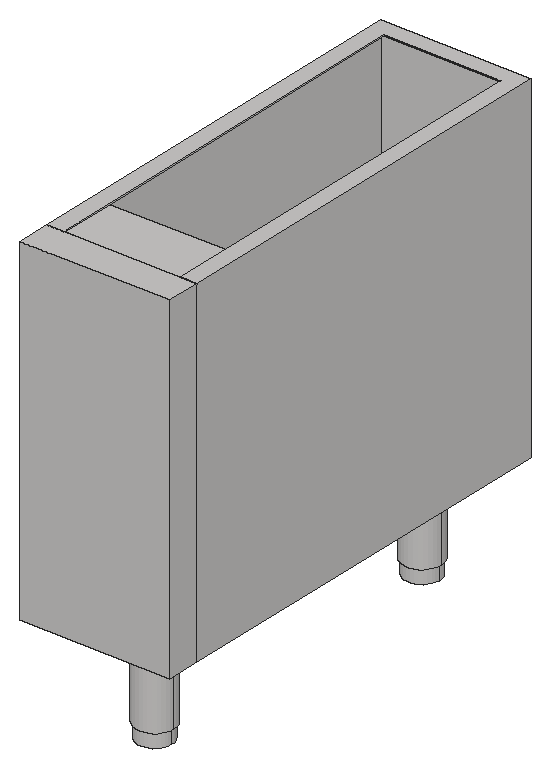
Revit family "QF_OEMNEUTRAL_371210_E7BANB00C0", category Specialty Equipment, Revit 2018
Family settings
  Round Connector Dimension = Use Diameter
  Part Type = Normal
  Work Plane-Based = No
  Always vertical = Yes
  Cut with Voids When Loaded = No
  Shared = No
  Room Calculation Point = No
Parameters (values of type "Standard")
  Weight in Pounds = 15  # constant formula
  Weight = 7.00 kg
  Watts = 0 W
  Volts = 0 V
  URL Manufacturer = "http://professional.electrolux.com"
  URL Cutsheet = "www.electrolux.com"
  URL = "http://professional.electrolux.com"
  Type Mark [instance] = ""
  Steam Supply Size = 0"
  Steam Supply Minimum Pressure = 0.00 psi
  Steam Supply Maximum Pressure = 0.00 psi
  Steam Pounds per Hour = 0
  Status [instance] = ""
  Specification by User [instance] = ""
  Specification by Manufacturer = ""
  Serial Number = ""
  Seismic Rating = ""
  SMACNA No = ""
  Revision Code [instance] = ""
  Refrigeration Suction Line Size = 0"
  Refrigeration Liquid Line Size = 0"
  Refrigerant Compressor Remote = yes
  Phase = 0
  Omniclass Number and Title = ""
  NAFEM Spec ID Number = ""
  Model = "E7BANB00C0"
  Masterspec = ""
  Manufacturer = "OEM Neutral"
  Length Actual = 200.00 mm  # constant formula
  Item Number [instance] = "371210"
  Installed By [instance] = ""
  Identify Quantity as Lot [instance] = yes
  Hot Water Size = 0"
  Height Actual = 600.00 mm  # constant formula
  HP = "0 HP"
  Gas Size = 0"
  Gas KW = 0
  Gas Input Pressure = 0.0 Btu/h
  Furnished By [instance] = ""
  Foodservice Equipment Identifier [instance] = yes
  Description = "CLOSED BASE 200 MM"
  Depth Actual = 550.00 mm  # constant formula
  Cycle = 0 Hz
  Condensate Return Size = 0"
  Compressed Air Volume = 0 GPM
  Compressed Air Size = 0"
  Compressed Air Pressure = 0.00 psi
  Cold Water Size = 0"
  CSI MasterFormat = ""
  CSI Master Format = ""
  Accessory = yes
Types (2, lengths in mm): name | URL | Model | Manufacturer | Description
  (no name) | "www.electrolux.com" | "371210" | "ELECTROLUX" | "700XP Closed Base Cupboard  1_4 Module"
  Standard | "http://professional.electrolux.com" | "E7BANB00C0" | "OEM Neutral" | "CLOSED BASE 200 MM"
Values of the unnamed type that differ from the named types
  URL Manufacturer = ""
  Item Number = ""
  HP = ""
Reference planes
  plane 1 "BACK": y = 0
  plane 2: z = 0
  plane 3 "LEFT": x = 0
  plane 4 "RIGHT": x = 199
  plane 5 "FRONT": y = -599
  plane 6 "TOP": z = 599
  plane 7 "Center Y": x = 99.5
  plane 8 "Center X": y = -299.5
  plane 9 "Base Height": z = 149
  plane 10: y = -56
Forms (mm)
  Extrusion 1, solid, material "QF_Finishes_Stainless Steel"
    sketch origin (0, 0, 149) x (-1, 0, 0) y (0, -1, 0)
      loop
        line (0, 0) -> (0, 554) -> (-22, 554) -> (-22, 22) -> (-177, 22) -> (-177, 554) -> (-199, 554) -> (-199, 0) -> (0, 0)
    from 448.412 to 450
  Extrusion 2, solid, material "QF_Finishes_Stainless Steel"
    sketch origin (0, -599, 0) x (1, 0, 0) y (0, 0, 1)
      loop
        line (0, 597.413) -> (0, 149) -> (22, 149) -> (22, 597.413) -> (0, 597.413)
      loop
        line (199, 149) -> (199, 597.413) -> (177, 597.413) -> (177, 149) -> (199, 149)
    from -45 to -46.587
  Extrusion 3, solid, material "QF_Finishes_Stainless Steel"
    sketch origin (0, 0, 0) x (0, 1, 0) y (0, 0, 1)
      loop
        line (-554, 597.413) -> (-554, 149) -> (0, 149) -> (0, 597.413) -> (-554, 597.413)
    from 0 to 1.59
  Extrusion 4, solid, material "QF_Finishes_Stainless Steel"
    sketch origin (199, 0, 0) x (0, 1, 0) y (0, 0, 1)
      loop
        line (-554, 597.413) -> (-554, 149) -> (0, 149) -> (0, 597.413) -> (-554, 597.413)
    from 0 to -1.59
  Extrusion 5, solid, material "QF_Finishes_Stainless Steel"
    sketch origin (0, 0, 0) x (1, 0, 0) y (0, 0, 1)
      loop
        line (0, 597.413) -> (0, 149) -> (199, 149) -> (199, 597.413) -> (0, 597.413)
    from 0 to 1.59
  Extrusion 6, solid, material "QF_Finishes_Stainless Steel"
    sketch origin (0, 0, 149) x (-1, 0, 0) y (0, -1, 0)
      loop
        line (-1.59, 1.59) -> (-1.59, 552.413) -> (-197.41, 552.413) -> (-197.41, 1.59) -> (-1.59, 1.59)
      loop
        circle (-152.751, 426.185) r 12.7
    from 0 to 45
  Extrusion 7, solid, material "QF_Finishes_Stainless Steel"
    sketch origin (0, 0, 0) x (0, 1, 0) y (0, 0, 1)
      loop
        line (-552.413, 597.413) -> (-552.413, 554.237) -> (-550.823, 554.237) -> (-550.823, 595.823) -> (-477.412, 595.823) -> (-477.412, 597.413) -> (-552.413, 597.413)
    from 1.59 to 198.41
  Extrusion 8, solid, material "QF_Finishes_Stainless Steel"
    sketch origin (0, 0, 149) x (-1, 0, 0) y (0, -1, 0)
      loop
        circle (-152.751, 426.185) r 12.7
    from -1.075 to 43.642
  Extrusion 9, solid, material "QF_Finishes_Black"
    sketch origin (0, -552.413, 554.237) x (0, 0, 1) y (-1, 0, 0)
      loop
        circle (20.291, -59.72) r 1.5
      loop
        circle (20.291, -140.28) r 1.5
    from 0 to 1.59
  Revolve 10, solid, material "QF_Finishes_Stainless Steel"
    sketch origin (44.5, -499, 0) x (1, 0, 0) y (0, 0, 1)
      loop
        line (54.5, 0) -> (54.5, 149) -> (29.1, 149) -> (29.1, 19.05) -> (31.6, 19.05) -> (31.6, 0) -> (54.5, 0)
      axis (54.5, 0) -> (54.5, 149)
    angle from 0 to 360
  Revolve 11, solid, material "QF_Finishes_Stainless Steel"
    sketch origin (44.5, -55, 0) x (1, 0, 0) y (0, 0, -1)
      loop
        line (54.5, 0) -> (31.6, 0) -> (31.6, -19.05) -> (29.1, -19.05) -> (29.1, -149) -> (54.5, -149) -> (54.5, 0)
      axis (54.5, 0) -> (54.5, -149)
    angle from 0 to 360
  Extrusion 12, solid, material "QF_Finishes_Stainless Steel"
    sketch origin (0, 0, 149) x (-1, 0, 0) y (0, -1, 0)
      loop
        line (0, 554) -> (0, 599) -> (-199, 599) -> (-199, 554) -> (0, 554)
    from 0 to 450
Cuts and joins
  joined: Extrusion 1, Extrusion 2, Extrusion 3, Extrusion 4, Extrusion 5, Extrusion 6, Extrusion 7, Extrusion 8
Lines and regions (mm)
  symbolic lines, style "SpecialityEquipment"
    curve 1: line (0, 0, 149) -> (199, 0, 149)
    curve 2: line (0, -599, 149) -> (0, 0, 149)
    curve 3: line (199, -554, 149) -> (0, -554, 149)
    curve 4: line (199, 0, 149) -> (199, -599, 149)
    curve 5: line (22, -477.412, 149) -> (177, -477.412, 149)
    curve 6: line (177, -554, 149) -> (177, -22, 149)
    curve 7: line (177, -22, 149) -> (22, -22, 149)
    curve 8: line (22, -22, 149) -> (22, -554, 149)
    curve 9: arc (140.051, -426.185, 149) -> (152.751, -413.485, 149) -> (165.451, -426.185, 149) r 12.7
    curve 10: arc (165.451, -426.185, 149) -> (152.751, -438.885, 149) -> (140.051, -426.185, 149) r 12.7
    curve 11: line (199, -599, 149) -> (0, -599, 149)
Dimensions and locks
  equal spacing: plane 3 "LEFT", plane 7 "Center Y", plane 4 "RIGHT"
  plane 3 "LEFT" to plane 4 "RIGHT" = 199.00 mm
  equal spacing: plane 5 "FRONT", plane 8 "Center X", plane 1 "BACK"
  plane 5 "FRONT" to plane 1 "BACK" = 599.00 mm
  plane 6 "TOP" to level = 599.00 mm
  plane 9 "Base Height" to level = 149.00 mm
  plane 6 "TOP" to plane 9 "Base Height" to level = 450.00 mm, 149.00 mm
  plane 1 "BACK" to plane 10 = 56.00 mm
  aligned and locked: level to plane 2
  aligned and locked: Revolve 10 to plane 9 "Base Height"
Automatic sketch dimensions
  plane 1 "BACK" to Extrusion 1 sketch curve = 0.00 mm
  Extrusion 1 sketch curve to plane 4 "RIGHT" = 0.00 mm
  Extrusion 1 sketch curve to plane 5 "FRONT" = 45.00 mm  (x2)
  Extrusion 1 sketch curve to plane 3 "LEFT" = 0.00 mm
  Extrusion 1 sketch curve to Extrusion 1 sketch curve = 22.00 mm
  plane 3 "LEFT" to Extrusion 1 sketch curve = 22.00 mm
  plane 1 "BACK" to Extrusion 1 sketch curve = 22.00 mm
  Extrusion 6 sketch curve to Extrusion 6 sketch curve = 0.00 mm  (x2)
  Extrusion 6 sketch curve to plane 4 "RIGHT" = 1.59 mm
  Extrusion 6 sketch curve to plane 4 "RIGHT" = 33.549 mm
  Extrusion 6 sketch curve to Extrusion 6 sketch curve = 12.70 mm
  plane 3 "LEFT" to Extrusion 6 sketch curve = 1.59 mm
  plane 1 "BACK" to Extrusion 6 sketch curve = 1.59 mm
  Extrusion 6 sketch curve to plane 8 "Center X" = 126.685 mm
  Extrusion 6 sketch curve to plane 5 "FRONT" = 46.587 mm
  Extrusion 7 sketch curve to plane 5 "FRONT" = 46.587 mm
  Extrusion 7 sketch curve to Extrusion 7 sketch curve = 1.59 mm
  Extrusion 7 sketch curve to plane 6 "TOP" = 3.178 mm
  Extrusion 7 sketch curve to Extrusion 7 sketch curve = 73.41 mm
  Extrusion 7 sketch curve to Extrusion 7 sketch curve = 41.585 mm
  Extrusion 7 sketch curve to plane 6 "TOP" = 1.588 mm
  Extrusion 8 sketch curve to plane 4 "RIGHT" = 46.249 mm
  Extrusion 8 sketch curve to plane 8 "Center X" = 126.685 mm
  Extrusion 9 sketch curve to Extrusion 7 = 20.291 mm  (x2)
  Extrusion 7 to Extrusion 9 sketch curve = 58.13 mm  (x2)
  Extrusion 12 sketch curve to plane 4 "RIGHT" = 0.00 mm
  Extrusion 12 sketch curve to plane 3 "LEFT" = 0.00 mm
  plane 5 "FRONT" to Extrusion 12 sketch curve = 0.00 mm
  Extrusion 12 sketch curve to Extrusion 12 sketch curve = 45.00 mm
  Extrusion 2 sketch curve to plane 3 "LEFT" = 0.00 mm
  Extrusion 2 sketch curve to plane 9 "Base Height" = 0.00 mm  (x2)
  Extrusion 2 sketch curve to plane 4 "RIGHT" = 0.00 mm
  plane 3 "LEFT" to Extrusion 2 sketch curve = 22.00 mm
  Extrusion 2 sketch curve to plane 4 "RIGHT" = 22.00 mm
  Extrusion 2 sketch curve to plane 6 "TOP" = 1.587 mm  (x2)
  Extrusion 3 sketch curve to plane 9 "Base Height" = 0.00 mm
  Extrusion 3 sketch curve to plane 1 "BACK" = 0.00 mm
  Extrusion 3 sketch curve to plane 6 "TOP" = 1.587 mm
  Extrusion 3 sketch curve to plane 5 "FRONT" = 45.00 mm
  Extrusion 4 sketch curve to plane 9 "Base Height" = 0.00 mm
  Extrusion 4 sketch curve to plane 1 "BACK" = 0.00 mm
  Extrusion 4 sketch curve to plane 6 "TOP" = 1.587 mm
  Extrusion 4 sketch curve to plane 5 "FRONT" = 45.00 mm
  Extrusion 5 sketch curve to plane 3 "LEFT" = 0.00 mm
  Extrusion 5 sketch curve to plane 4 "RIGHT" = 0.00 mm
  Extrusion 5 sketch curve to plane 9 "Base Height" = 0.00 mm
  Extrusion 5 sketch curve to plane 6 "TOP" = 1.587 mm
  plane 1 "BACK" to curve 1 = 0.00 mm
  plane 5 "FRONT" to curve 11 = 0.00 mm
  curve 7 to plane 4 "RIGHT" = 22.00 mm
  curve 10 to plane 4 "RIGHT" = 33.549 mm
  curve 9 to curve 10 = 12.70 mm
  plane 3 "LEFT" to curve 7 = 22.00 mm
  curve 9 to plane 8 "Center X" = 126.685 mm
  curve 5 to plane 5 "FRONT" = 121.588 mm
  Revolve 10 sketch curve to plane 9 "Base Height" = 0.00 mm
  Revolve 10 sketch curve to level = 0.00 mm
  Revolve 10 sketch curve to plane 7 "Center Y" = 25.90 mm
  Revolve 10 sketch curve to Revolve 10 sketch curve = 2.50 mm
  Revolve 10 sketch curve to plane 7 "Center Y" = 0.50 mm  (x2)
  level to Revolve 10 sketch curve = 19.05 mm
  plane 9 "Base Height" to Revolve 10 sketch curve = 1.00 mm
  Revolve 10 sketch curve to Revolve 10 sketch curve = 20.00 mm
  Revolve 11 sketch curve to plane 9 "Base Height" = 0.00 mm
  Revolve 11 sketch curve to level = 0.00 mm
  Revolve 11 sketch curve to plane 7 "Center Y" = 25.90 mm
  Revolve 11 sketch curve to Revolve 11 sketch curve = 2.50 mm
  Revolve 11 sketch curve to plane 7 "Center Y" = 0.50 mm  (x2)
  plane 9 "Base Height" to Revolve 11 sketch curve = 1.00 mm
  Revolve 11 sketch curve to Revolve 11 sketch curve = 20.00 mm
  level to Revolve 11 sketch curve = 19.05 mm
  curve 2 to plane 3 "LEFT" = 0.00 mm
  curve 3 to plane 4 "RIGHT" = 0.00 mm
  curve 6 to plane 5 "FRONT" = 45.00 mm
  plane 1 "BACK" to curve 7 = 22.00 mm
  radius of Extrusion 8 sketch curve = 12.70 mm
  radius of Extrusion 9 sketch curve = 1.50 mm  (x2)
